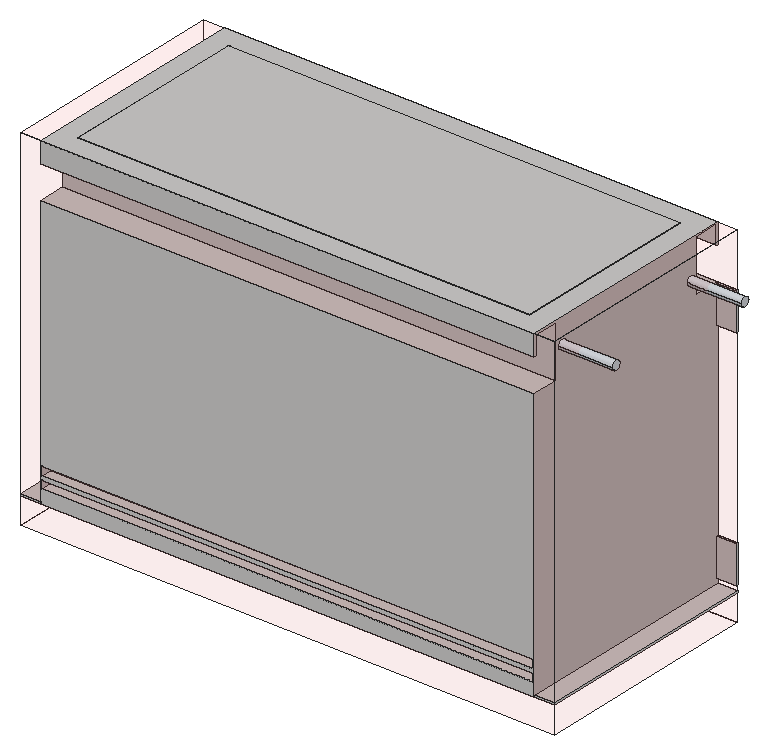
Revit family "Air-Curtain_Climate-Control_PoweredAire_ECE-HW", category Mechanical Equipment, host Face, Revit 2020
Family settings
  Host = Face
  Round Connector Dimension = Use Diameter
  Part Type = Normal
  OmniClass Number = 23.75.35.17.21
  OmniClass Title = Air Curtains
  Cut with Voids When Loaded = No
  Shared = No
  Room Calculation Point = No
Parameters
  upperrotation [instance] = if(Upper Pipe Connection Side A, 0.00°, 180.00°)  # 0.00°
  lowerrotation [instance] = if(Lower Pipe Connection Side A, 0.00°, 180.00°)  # 0.00°
  locateupperpipe [instance] = if(Upper Pipe Connection Side A, 0' 0", Nozzle Width)  # 0' - 0"
  locatelowerpipe [instance] = if(Lower Pipe Connection Side A, 0' 0", Nozzle Width)  # 0' - 0"
  Warranty Duration (Years) = 0
  Upper Pipe Connection Side A [instance] = yes
  Unit Width Notes = "Other Widths available."  # constant formula
  Unit Width = 3' - 3"
  Unit Weight = 0
  Unit Height = 1' - 4 3/4"
  Unit Depth [instance] = if(Include Filters, 2' 1 7/8", 1' 11 3/4")  # 1' - 11 3/4"
  URL = "http://www.poweredaire.com/"
  Test Data = ""
  Temperature Rise_Range = "as Specified"
  Standards Conformance = "as Specified"
  Specification = "http://www.arcat.com/sdspecs/htm04/23_34_33pai.htm"
  SpecWizard = ""
  Sound Pressure = "as Specified"
  Sales Information = "http://www.poweredaire.com/contact_us"
  Revision = "R1_2016-08"
  Projection from Host [instance] = 0' - 2"
  Product Properties = ""
  Product Data = "http://www.arcat.com/arcatcos/cos47/arc47623.html"
  Power Rating = 0 W
  Piping_Water Flow [instance] = 0 GPM
  Piping_Operating Pressure [instance] = 0.00 psi
  Piping_Exit Temperature [instance] = 0 °F
  Piping_Entry Temperature [instance] = 0 °F
  Pipe OD [instance] = 5/8"
  Outlet Volume_Range = "as Specified"
  Outlet Velocity_Range = "as Specified"
  Nozzle Width = if(1 = 1, Unit Width - 0' 3", 0' 0")  # 3' - 0"
  Mounting Width = if(1 = 1, Unit Width - 0' 1 1/2", 0' 0")  # 3' - 1 1/2"
  Mounting Height [instance] = 3' - 6"
  Motor RPM = 0
  Motor HP = 0
  Motor Count = 0
  Model = "As Specified"
  Max Height = 0' - 0"
  Manufacturer Website = "http://www.poweredaire.com/"
  Manufacturer Phone - Toll Free = "888-321-2473"
  Manufacturer Phone = "724-588-3305"
  Manufacturer Fax = "724-588-3371"
  Manufacturer Address = "109 Mortensen Rd.  Greenville, PA 16125"
  Manufacturer = "Powered Aire, Inc"
  Maintenance Schedule (Months) = 0
  Lower Pipe Connection Side A [instance] = yes
  Keynote = "23 34 33"
  Installation-Fabrication = ""
  Installation Phase = ""
  Include Filters [instance] = no
  Include Clearance [instance] = yes
  Heating Element Load = 0 W
  HVAC_Temperature Rise [instance] = 0 °F
  HVAC_Outlet Volume [instance] = 0 CFM
  HVAC_Outlet Velocity Uniformity = 0
  HVAC_Outlet Velocity [instance] = 0 FPM
  HVAC_BTU Input = 0.0 Btu/h
  Green Building-LEED = "http://www.arcat.com/green/clients/leed_data_47623.html"
  Front Grating Material [instance] = Metal - Steel - PoweredAire - Stainless 304 Perforated
  Frame Finish [instance] = Metal - Steel - PoweredAire - Stainless 304
  Expected Lifespan (Years) = 0
  Electrical_Wattage [instance] = Power Rating + Heating Element Load  # 0 W
  Electrical_Voltage [instance] = 0 V
  Electrical_Phase [instance] = 1
  Electrical_Frequency [instance] = 0 Hz
  Electrical_Amperage [instance] = 0 A
  Drawn By = "Sumex Design, Inc. / Robert S. Weygant, CSI, CDT, SCIP"
  Description = "Powered Aire Air Curtain as Specified"
  Default Elevation = 0' - 0"  # constant formula
  Copyright = "©Arcat Inc."
  Construction Details = "http://www.arcat.com/details/powair/prod3336.html"
  Clearance_Top [instance] = 0' - 0"
  Clearance_Side B [instance] = 0' - 0"
  Clearance_Side A [instance] = 0' - 0"
  Clearance_Intake [instance] = 0' - 0"
  Clearance_Bottom [instance] = 0' - 0"
  Clearance Material [instance] = ARCAT Clearance
  Building Codes = ""
  Available Options [instance] = "as Specified"
  Assembly Code = "D3090400"
Reference planes (in)
  plane 1 "Center (Elevation)": y = 0.13818
  plane 2: z = 0
  plane 3 "Center (Left/Right)": x = 0
  plane 4: y = 8.51318
  plane 5: y = -8.23682
  plane 6: x = -19.5
  plane 7: x = 19.5
  plane 8: z = 25.75
  plane 9 "FF": y = -41.86182
  plane 10: z = 2
  plane 11: x = 18
  plane 12: x = -18
  plane 13: y = 8.51318
  plane 14: y = -8.23682
  plane 15: x = -19.5
  plane 16: x = 19.5
  plane 17: z = 25.75
  plane 18: x = 17.9375
  plane 19: x = -17.9375
  plane 20: x = 18
  plane 21: x = 18
  plane 22: y = 6.01318
  plane 23: y = -5.73682
Forms (in)
  Extrusion 1, solid, material "Metal - Steel - PoweredAire - Stainless 304" <- "Frame Finish"
    sketch origin (0, 0, 0) x (0, 1, 0) y (0, 0, 1)
      loop
        line (-8.23682, 2) -> (8.51318, 2) -> (8.51318, 21.8125) -> (6.51318, 21.8125) -> (6.51318, 25.625) -> (8.38818, 25.625) -> (8.38818, 24.25) -> (8.51318, 24.25) -> (8.51318, 25.75) -> (-8.23682, 25.75) -> (-8.23682, 24.25) -> (-8.11182, 24.25) -> (-8.11182, 25.625) -> (-6.23682, 25.625) -> (-6.23682, 21.8125) -> (-8.23682, 21.8125) -> (-8.23682, 2)
    from -18 to 18
  Extrusion 2, solid, material "ARCAT Clearance" <- "Clearance Material", visible <- "Include Clearance"
    sketch origin (0, 0, 0) x (0, 1, 0) y (0, 0, 1)
      loop
        line (-8.23682, 25.75) -> (-8.23682, 0) -> (8.51318, 0) -> (8.51318, 25.75) -> (-8.23682, 25.75)
    from -19.5 to 19.5
  Extrusion 3, solid, material "Metal - Steel - PoweredAire - Stainless 304" <- "Frame Finish"
    sketch origin (-15.17702, -180, 2) x (-1, 0, 0) y (0, -1, 0)
      loop
        line (-33.17702, -188.51318) -> (-33.17702, -171.76318) -> (-34.67702, -171.76318) -> (-34.67702, -188.51318) -> (-33.17702, -188.51318)
      loop
        line (2.82298, -188.51318) -> (4.32298, -188.51318) -> (4.32298, -171.76318) -> (2.82298, -171.76318) -> (2.82298, -188.51318)
    from 0 to 0.125
  Extrusion 4, solid, material "Metal - Steel - PoweredAire - Stainless 304" <- "Frame Finish"
    sketch origin (-11.83813, 8.51318, 48) x (-1, 0, 0) y (0, 0, 1)
      loop
        line (-29.83813, -45.5) -> (-29.83813, -42.75) -> (-31.33813, -42.75) -> (-31.33813, -45.5) -> (-29.83813, -45.5)
      loop
        line (-29.83813, -28.9375) -> (-29.83813, -26.1875) -> (-31.33813, -26.1875) -> (-31.33813, -28.9375) -> (-29.83813, -28.9375)
      loop
        line (6.16187, -45.5) -> (7.66187, -45.5) -> (7.66187, -42.75) -> (6.16187, -42.75) -> (6.16187, -45.5)
      loop
        line (6.16187, -28.9375) -> (7.66187, -28.9375) -> (7.66187, -26.1875) -> (6.16187, -26.1875) -> (6.16187, -28.9375)
    from 0 to -0.125
  Extrusion 5, void
    sketch origin (0, 0, 0) x (0, 1, 0) y (0, 0, 1)
      loop
        line (-8.23682, 3) -> (-7.23682, 3) -> (-7.23682, 4.5) -> (-8.23682, 4.5) -> (-8.23682, 3.82425) -> (-7.38364, 3.82425) -> (-7.38364, 3.57425) -> (-8.23682, 3.57425) -> (-8.23682, 3)
    from -17.9375 to 17.9375
  Extrusion 6, solid, material "Metal - Steel - PoweredAire - Stainless 304 Perforated" <- "Front Grating Material"
    sketch origin (0, -8.23682, 25.75) x (0, 1, 0) y (-1, 0, 0)
      loop
        line (15.25, 16.5) -> (1.5, 16.5) -> (1.5, -16.5) -> (15.25, -16.5) -> (15.25, 16.5)
    from 0 to 0.03125
  Sweep 7, solid
    path origin (18, 6.01318, 0) x (1, 0, 0) y (0, 1, 0)
      loop
        line (0, 0) -> (4, 0)
    profile origin (20, 6.01318, 0) x (0, 1, 0) y (0, 0, 1)
      loop
        circle (0, 23) r 0.3125
  Sweep 8, solid
    path origin (18, -5.73682, 0) x (1, 0, 0) y (0, 1, 0)
      loop
        line (0, 0) -> (4, 0)
    profile origin (20, -5.73682, 0) x (0, 1, 0) y (0, 0, 1)
      loop
        circle (0, 24) r 0.3125
Cuts and joins
  Extrusion 5 cuts Extrusion 1
Lines and regions (in)
  reference lines
    curve 1: line (18, 6.01318, 0) -> (22.75, 6.01318, 0)
    curve 2: line (18, -5.73682, 0) -> (23.75, -5.73682, 0)
Dimensions and locks (in)
  equal spacing: plane 4, plane 1 "Center (Elevation)", plane 5
  "Unit Height": plane 4 to plane 5
  equal spacing: plane 6, plane 3 "Center (Left/Right)", plane 7
  "Unit Width": plane 6 to plane 7
  "Mounting Height": plane 1 "Center (Elevation)" to plane 9 "FF"
  "Projection from Host": plane 10 to level
  "Unit Depth": plane 8 to plane 10
  locked: plane 6 to plane 12 at 1.5
  locked: plane 11 to plane 7 at 1.5
  "Clearance_Side A": plane 7 to plane 16
  "Clearance_Side B": plane 15 to plane 6
  "Clearance_Top": plane 13 to plane 4
  "Clearance_Bottom": plane 5 to plane 14
  "Clearance_Intake": plane 17 to plane 8
  plane 5 to Extrusion 1 sketch curve to Extrusion 1 sketch curve = 0' - 0 1/8" locked, 0' - 1 7/8" locked
  Extrusion 1 sketch curve to Extrusion 1 sketch curve to plane 4 = 0' - 1 7/8" locked, 0' - 0 1/8" locked
  Extrusion 4 sketch curve to Extrusion 4 sketch curve to Extrusion 4 sketch curve to Extrusion 4 sketch curve to plane 10 = 0' - 2 3/4" locked, 1' - 1 13/16" locked, 0' - 2 3/4" locked, 0' - 0 1/2" locked
  Extrusion 4 sketch curve to Extrusion 4 sketch curve to Extrusion 4 sketch curve to Extrusion 4 sketch curve = 0' - 2 3/4" locked, 1' - 1 13/16" locked, 0' - 2 3/4" locked
  locked: Extrusion 4 sketch curve to plane 10 at 0.5
  plane 8 to Extrusion 1 sketch curve to Extrusion 1 sketch curve = 0' - 0 1/8" locked, 0' - 1 3/8" locked  (x2)
  locked: Extrusion 1 sketch curve to plane 10 at 19.8125  (x2)
  Extrusion 5 sketch curve to Extrusion 5 sketch curve to Extrusion 5 sketch curve to Extrusion 5 sketch curve to plane 10 = 0' - 0.67575" locked, 0' - 0 1/4" locked, 0' - 0.57425" locked, 0' - 1" locked
  plane 5 to Extrusion 5 sketch curve to Extrusion 5 sketch curve = 0' - 0.85319" locked, 0' - 0.14681" locked
  locked: plane 19 to plane 12 at 0.0625
  locked: plane 11 to plane 18 at 0.0625
  locked: plane 4 to Extrusion 6 sketch curve at 1.5
  locked: Extrusion 6 sketch curve to plane 5 at 1.5
  locked: Extrusion 6 sketch curve to plane 11 at 1.5
  locked: plane 12 to Extrusion 6 sketch curve at 1.5
  "locateupperpipe": plane 20 to plane 11
  "locatelowerpipe": plane 21 to plane 11
  locked: plane 4 to plane 22 at 2.5
  locked: plane 23 to plane 5 at 2.5
  locked: curve 1 to Sweep 7 sketch curve at 4
  locked: curve 1 to Sweep 7 sketch curve
  locked: Sweep 7 sketch curve to plane 10 at 21
  locked: curve 2 to Sweep 8 sketch curve at 4
  locked: curve 2 to Sweep 8 sketch curve
  locked: Sweep 8 sketch curve to plane 10 at 22
  "upperrotation": angle plane 22 to curve 1
  "lowerrotation": angle plane 23 to curve 2
  aligned and locked: plane 2 to host face
  aligned and locked: level to host face
  aligned and locked: Extrusion 2 sketch curve to plane 17
  aligned and locked: plane 14 to Extrusion 2 sketch curve
  aligned and locked: level to Extrusion 2 sketch curve
  aligned and locked: Extrusion 2 sketch curve to plane 13
  aligned and locked: plane 16 to Extrusion 2
  aligned and locked: Extrusion 2 to plane 15
  aligned and locked: plane 11 to Extrusion 1
  aligned and locked: Extrusion 1 to plane 12
  aligned and locked: plane 21 to curve 2
  aligned and locked: plane 23 to curve 2
  aligned and locked: plane 22 to curve 1
  aligned and locked: plane 20 to curve 1
Automatic sketch dimensions
  host sketch curve to host sketch curve = 8' - 0"  (x2)
  Extrusion 1 sketch curve to plane 5 = 0' - 0"  (x2)
  Extrusion 1 sketch curve to plane 4 = 0' - 0"  (x2)
  Extrusion 1 sketch curve to plane 10 = 0' - 0"
  Extrusion 1 sketch curve to plane 8 = 0' - 0"
  plane 4 to Extrusion 3 sketch curve = 0' - 0"
  Extrusion 3 sketch curve to plane 7 = 0' - 0"
  plane 5 to Extrusion 3 sketch curve = 0' - 0"
  Extrusion 3 sketch curve to plane 11 = 0' - 0"
  Extrusion 3 sketch curve to plane 4 = 0' - 0"
  Extrusion 3 sketch curve to plane 12 = 0' - 0"
  Extrusion 3 sketch curve to plane 6 = 0' - 0"
  Extrusion 3 sketch curve to plane 5 = 0' - 0"
  Extrusion 4 sketch curve to plane 7 = 0' - 0"  (x2)
  Extrusion 4 sketch curve to plane 11 = 0' - 0"  (x2)
  Extrusion 4 sketch curve to plane 12 = 0' - 0"  (x2)
  Extrusion 4 sketch curve to plane 6 = 0' - 0"  (x2)
  Extrusion 5 sketch curve to plane 5 = 0' - 0"  (x2)
  Sweep 7 sketch curve to profile plane = 0' - 0"
  Sweep 8 sketch curve to profile plane = 0' - 0"
  radius of Sweep 7 sketch curve = 0' - 0 5/16"
  radius of Sweep 8 sketch curve = 0' - 0 5/16"
Connectors (in)
  piping at (22, 6.01318, 23), diameter 0.625, driven by "Pipe OD", driven by "Piping_Water Flow"
    settings: on Sweep 7, index 1, connector inside diameter 24", connector length 0' - 0", flow factor 0, pipe flow 0 GPM, pressure drop 0.00 psi, fitting loss kfactor 0, connector angle 0.00°, fixture units 0, engagement length 0' - 0", angle of deflection 0.00°, flow configuration 0, flow direction 0, fitting loss method 0, system type 29, joint type 0, gender type 0, connector reference index -1, connector utility 0, adjustable connector no, is connector primary yes, connector description "Define Supply or Return and Location"
  piping at (22, -5.73682, 24), diameter 0.625, driven by "Pipe OD", driven by "Piping_Water Flow"
    settings: on Sweep 8, index 2, connector inside diameter 24", connector length 0' - 0", flow factor 0, pipe flow 0 GPM, pressure drop 0.00 psi, fitting loss kfactor 0, connector angle 0.00°, fixture units 0, engagement length 0' - 0", angle of deflection 0.00°, flow configuration 0, flow direction 0, fitting loss method 0, system type 29, joint type 0, gender type 0, connector reference index -1, connector utility 0, adjustable connector no, is connector primary no, connector description "Define Supply or Return and Location"
  electrical at (-18, 0.13818, 21.39062), driven by "Electrical_Voltage", driven by "Electrical_Phase"
    settings: on cut or joined group of Extrusion 1, Extrusion 5, index 3, voltage 0 V, apparent load 0 VA, apparent load phase1 0 VA, apparent load phase2 0 VA, apparent load phase3 0 VA, power factor 1, load classification "Motor", number of poles 1, system type 31, power factor state 1, is connector primary yes, connector utility no, sub classification motor no, connector description ""
